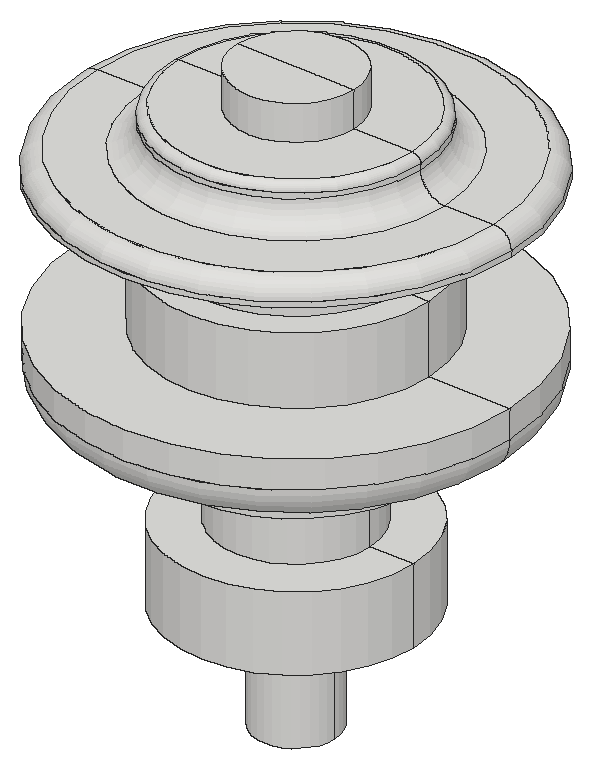
Revit family "Plumbing-PWT-Sloan-Valve-MCR-60", category Electrical Fixtures, host Face, Revit 2019
Family settings
  Host = Face
  Maintain Annotation Orientation = No
  Round Connector Dimension = Use Diameter
  Part Type = Normal
  OmniClass Number = 23.45.05.00
  OmniClass Title = Sanitary Equipment
  Cut with Voids When Loaded = Yes
  Shared = No
  Room Calculation Point = No
Parameters (values of type "MCR-60")
  Width = 1 1/4"  # constant formula
  Wall Thickness [instance] = 2 115/256"
  URL = "www.sloanvalve.com"
  Type Comments = ""
  Product data url = "https://bimobject.com/sloan_valve/product/pwt_mcr-60"
  Product Material = Sloan Valve - Finish - Stainless Steel
  Part Number = "0375039"
  Model = "MCR-60"
  Manufacturer = "Sloan Valve"  # constant formula
  Keynote = "15410"
  Height = 2 3/4"  # constant formula
  Description = "Standard\r"  # constant formula
  Default Elevation = 40"
  Assembly Code = "D2010"
Reference planes (in)
  plane 1 "Center (Front/Back)": y = 0
  plane 2: z = 0
  plane 3 "Center (Left/Right)": x = 0
  plane 4: x = -1.375
  plane 5: x = 1.375
  plane 6: z = -0.27764
  plane 7: x = -0.75
  plane 8: x = -0.46875
  plane 9: z = -3.14882
  plane 10: z = -2.44922
  plane 11: z = -1.97341
  plane 12: z = -1.5204
  plane 13: z = 0.60205
  plane 14: z = -0.86931
  plane 15: z = -0.43937
Forms (in)
  Revolve 1, solid, material "Sloan Valve - Finish - Stainless Steel" <- "Product Material"
    sketch origin (0, 0, 0) x (1, 0, 0) y (0, 0, 1)
      loop
        line (-0.37176, 0.38118) -> (-0.74352, 0.38118)
        arc (-0.74352, 0.38118) -> (-0.78011, 0.36602) -> (-0.79527, 0.32942) r 0.05176
        line (-0.79527, 0.32942) -> (-0.79527, 0.29684)
        arc (-0.79527, 0.29684) -> (-0.84009, 0.18863) -> (-0.9483, 0.14381) r 0.15303
        line (-0.9483, 0.14381) -> (-1.26464, 0.14381)
        arc (-1.26464, 0.14381) -> (-1.34268, 0.11149) -> (-1.375, 0.03345) r 0.11036
        line (-1.375, 0.03345) -> (-1.375, 0) -> (-0.67901, 0) -> (-0.67901, -0.0844)
        arc (-0.67901, -0.0844) -> (-0.66478, -0.14552) -> (-0.625, -0.19407) r 0.13836
        line (-0.625, -0.19407) -> (-0.625, -0.27764) -> (-0.67901, -0.27764) -> (-0.67901, -0.43937) -> (-0.8488, -0.43937) -> (-0.8488, -0.86931) -> (-1.36713, -0.86931) -> (-1.36713, -1.04411)
        arc (-1.36713, -1.04411) -> (-1.30601, -1.19731) -> (-1.15622, -1.26636) r 0.22255
        line (-1.15622, -1.26636) -> (-0.90532, -1.27951)
        arc (-0.90532, -1.27951) -> (-0.83908, -1.31005) -> (-0.81205, -1.37779) r 0.09842
        line (-0.81205, -1.37779) -> (-0.81205, -1.5204) -> (-0.46875, -1.5204) -> (-0.46875, -1.97341) -> (-0.75, -1.97341) -> (-0.75, -2.44922) -> (-0.2477, -2.44922) -> (-0.2477, -3.14882) -> (0, -3.14882) -> (0, 0.60205) -> (-0.37176, 0.60205) -> (-0.37176, 0.38118)
      axis (0, 0.60205) -> (0, -3.14882)
    angle from 0 to 360
Lines and regions (in)
  Masking region 1
    outline origin (0, 0, 0) x (1, 0, 0) y (0, 0, 1)
      loop
        line (-0.37176, 0.38118) -> (-0.74352, 0.38118)
        arc (-0.74352, 0.38118) -> (-0.78011, 0.36602) -> (-0.79527, 0.32942) r 0.05176
        line (-0.79527, 0.32942) -> (-0.79527, 0.29684)
        arc (-0.79527, 0.29684) -> (-0.84009, 0.18863) -> (-0.9483, 0.14381) r 0.15303
        line (-0.9483, 0.14381) -> (-1.26464, 0.14381)
        arc (-1.26464, 0.14381) -> (-1.34268, 0.11149) -> (-1.375, 0.03345) r 0.11036
        line (-1.375, 0.03345) -> (-1.375, 0) -> (-0.67901, 0) -> (-0.67901, -0.0844)
        arc (-0.67901, -0.0844) -> (-0.66478, -0.14552) -> (-0.625, -0.19407) r 0.13836
        line (-0.625, -0.19407) -> (-0.625, -0.27764) -> (-0.67901, -0.27764) -> (-0.67901, -0.43937) -> (-0.8488, -0.43937) -> (-0.8488, -0.86931) -> (-1.36713, -0.86931) -> (-1.36713, -1.04411)
        arc (-1.36713, -1.04411) -> (-1.30601, -1.19731) -> (-1.15622, -1.26636) r 0.22255
        line (-1.15622, -1.26636) -> (-0.90532, -1.27951)
        arc (-0.90532, -1.27951) -> (-0.83908, -1.31005) -> (-0.81205, -1.37779) r 0.09842
        line (-0.81205, -1.37779) -> (-0.81205, -1.5204) -> (-0.46875, -1.5204) -> (-0.46875, -1.97341) -> (-0.75, -1.97341) -> (-0.75, -2.44922) -> (-0.2477, -2.44922) -> (-0.2477, -3.14882) -> (0.2477, -3.14882) -> (0.2477, -2.44922) -> (0.75, -2.44922) -> (0.75, -1.97341) -> (0.46875, -1.97341) -> (0.46875, -1.5204) -> (0.81205, -1.5204) -> (0.81205, -1.37779)
        arc (0.81205, -1.37779) -> (0.83908, -1.31005) -> (0.90532, -1.27951) r 0.09842
        line (0.90532, -1.27951) -> (1.15622, -1.26636)
        arc (1.15622, -1.26636) -> (1.30601, -1.19731) -> (1.36713, -1.04411) r 0.22255
        line (1.36713, -1.04411) -> (1.36713, -0.86931) -> (0.8488, -0.86931) -> (0.8488, -0.43937) -> (0.67901, -0.43937) -> (0.67901, -0.27764) -> (0.625, -0.27764) -> (0.625, -0.19407)
        arc (0.625, -0.19407) -> (0.66478, -0.14552) -> (0.67901, -0.0844) r 0.13836
        line (0.67901, -0.0844) -> (0.67901, 0) -> (1.375, 0) -> (1.375, 0.03345)
        arc (1.375, 0.03345) -> (1.34268, 0.11149) -> (1.26464, 0.14381) r 0.11036
        line (1.26464, 0.14381) -> (0.9483, 0.14381)
        arc (0.9483, 0.14381) -> (0.84009, 0.18863) -> (0.79527, 0.29684) r 0.15303
        line (0.79527, 0.29684) -> (0.79527, 0.32942)
        arc (0.79527, 0.32942) -> (0.78011, 0.36602) -> (0.74352, 0.38118) r 0.05176
        line (0.74352, 0.38118) -> (0.37176, 0.38118) -> (0.37176, 0.60205) -> (-0.37176, 0.60205) -> (-0.37176, 0.38118)
  symbolic lines, detail levels fine
    curve 1: line (0.625, 0, -0.19407) -> (-0.625, 0, -0.19407)
    curve 2: line (-0.67901, 0, -0.27764) -> (0.67901, 0, -0.27764)
    curve 6: line (0.9483, 0, 0.14381) -> (-0.9483, 0, 0.14381)
    curve 7: line (-0.37176, 0, 0.38118) -> (0.37176, 0, 0.38118)
  symbolic lines, detail levels medium+fine
    curve 3: line (-0.67901, 0, -0.43937) -> (0.67901, 0, -0.43937)
    curve 4: line (-0.8488, 0, -0.86931) -> (0.8488, 0, -0.86931)
    curve 5: line (-0.67901, 0, 0) -> (0.67901, 0, 0)
    curve 8: line (-0.2477, 0, -2.44922) -> (0.2477, 0, -2.44922)
    curve 9: line (-0.46875, 0, -1.97341) -> (0.46875, 0, -1.97341)
    curve 10: line (-0.46875, 0, -1.5204) -> (0.46875, 0, -1.5204)
Dimensions and locks (in)
  plane 5 to plane 4 = 2 3/4"
  locked: plane 6 to plane 2 at 0.27764
  locked: plane 8 to plane 3 "Center (Left/Right)" at 0.46875
  "Wall Thickness": plane 10 to plane 2
  locked: plane 10 to plane 11 at 0.47581
  locked: plane 12 to plane 14 at 0.65109
  locked: plane 15 to plane 2 at 0.43937
  locked: plane 9 to plane 10 at 0.6996
  aligned and locked: plane 2 to host face
  aligned and locked: level to host face
  aligned and locked: Revolve 1 sketch curve to plane 8
  aligned and locked: Revolve 1 sketch curve to plane 9
  aligned and locked: Revolve 1 sketch curve to plane 10
  aligned and locked: plane 11 to Revolve 1 sketch curve
  aligned and locked: Revolve 1 sketch curve to plane 12
  aligned and locked: Revolve 1 sketch curve to plane 13
  aligned and locked: plane 14 to Revolve 1 sketch curve
  aligned and locked: Revolve 1 sketch curve to plane 15
  aligned and locked: Revolve 1 sketch curve to plane 3 "Center (Left/Right)"
  aligned and locked: Revolve 1 to Revolve 1  (x3)
  aligned and locked: Masking region 1 sketch curve to Revolve 1  (x4)
  aligned and locked: Revolve 1 to Masking region 1 sketch curve
  aligned and locked: curve 1 to Revolve 1
  aligned and locked: curve 2 to Revolve 1
  aligned and locked: Revolve 1 to curve 3
  aligned and locked: Revolve 1 to curve 4
  aligned and locked: Revolve 1 to curve 5
  aligned and locked: Revolve 1 to curve 8
  aligned and locked: Revolve 1 to curve 9
  aligned and locked: Revolve 1 to curve 10
Automatic sketch dimensions
  host sketch curve to host sketch curve = 96"  (x2)
  Masking region 1 sketch curve to level = 0"  (x2)
  plane 4 to Masking region 1 sketch curve = 0"
  plane 7 to Masking region 1 sketch curve = 0"
  plane 3 "Center (Left/Right)" to Masking region 1 sketch curve = 0.2477"
  Masking region 1 sketch curve to plane 5 = 0"
  Masking region 1 sketch curve to plane 4 = 0.00787"
  level to Masking region 1 sketch curve = 0.03345"  (x2)
  Masking region 1 sketch curve to Masking region 1 sketch curve = 0.11036"
  Masking region 1 sketch curve to plane 4 = 0.21878"
  Masking region 1 sketch curve to Masking region 1 sketch curve = 0.01165"
  plane 7 to Masking region 1 sketch curve = 0.1983"
  plane 7 to Masking region 1 sketch curve = 0.16047"
  Masking region 1 sketch curve to Masking region 1 sketch curve = 0.00515"  (x2)
  plane 7 to Masking region 1 sketch curve = 0.0988"
  plane 7 to Masking region 1 sketch curve = 0.06205"
  plane 7 to Masking region 1 sketch curve = 0.04527"
  Masking region 1 sketch curve to plane 7 = 0.00648"
  Masking region 1 sketch curve to plane 7 = 0.07099"  (x2)
  Masking region 1 sketch curve to Masking region 1 sketch curve = 0.05401"  (x3)
  Masking region 1 sketch curve to Masking region 1 sketch curve = 0.13836"
  Masking region 1 sketch curve to plane 7 = 9/32"
  Masking region 1 sketch curve to Masking region 1 sketch curve = 0.37176"
  Masking region 1 sketch curve to Masking region 1 sketch curve = 0.4954"
  plane 3 "Center (Left/Right)" to Masking region 1 sketch curve = 0.37176"
  plane 3 "Center (Left/Right)" to Masking region 1 sketch curve = 15/32"
  Masking region 1 sketch curve to level = 0.0844"
  Masking region 1 sketch curve to Masking region 1 sketch curve = 0.16889"
  Masking region 1 sketch curve to Masking region 1 sketch curve = 0.08435"
  Masking region 1 sketch curve to Masking region 1 sketch curve = 0.06451"
  Masking region 1 sketch curve to Masking region 1 sketch curve = 9/32"
  Masking region 1 sketch curve to Masking region 1 sketch curve = 0.05176"
  Masking region 1 sketch curve to Masking region 1 sketch curve = 0.3433"
  Masking region 1 sketch curve to Masking region 1 sketch curve = 0.16979"
  Masking region 1 sketch curve to Masking region 1 sketch curve = 0.09327"
  Masking region 1 sketch curve to Masking region 1 sketch curve = 0.15303"
  Masking region 1 sketch curve to plane 5 = 0.23043"
  Masking region 1 sketch curve to plane 5 = 0.21878"
  Masking region 1 sketch curve to plane 5 = 0.11036"
  Masking region 1 sketch curve to plane 5 = 0.00787"
  Masking region 1 sketch curve to level = 0.27764"
  Masking region 1 sketch curve to Masking region 1 sketch curve = 0.08357"  (x2)
  Masking region 1 sketch curve to Masking region 1 sketch curve = 0.16173"  (x2)
  Masking region 1 sketch curve to Masking region 1 sketch curve = 0.42994"  (x2)
  Masking region 1 sketch curve to Masking region 1 sketch curve = 0.1748"  (x2)
  Masking region 1 sketch curve to Masking region 1 sketch curve = 0.01315"  (x2)
  Masking region 1 sketch curve to Masking region 1 sketch curve = 0.14261"  (x2)
  Masking region 1 sketch curve to Masking region 1 sketch curve = 0.03259"  (x2)
  Masking region 1 sketch curve to Masking region 1 sketch curve = 0.22087"
  plane 7 to curve 6 = 0.1983"
  plane 7 to curve 4 = 0.0988"
  curve 5 to plane 7 = 0.07099"
  curve 3 to plane 7 = 0.07099"
  curve 2 to plane 7 = 0.07099"
  curve 2 to curve 1 = 0.05401"
  curve 9 to plane 7 = 9/32"
  curve 10 to plane 7 = 9/32"
  curve 7 to plane 3 "Center (Left/Right)" = 0.37176"
  curve 8 to plane 3 "Center (Left/Right)" = 0.2477"
  plane 3 "Center (Left/Right)" to curve 8 = 0.2477"
  plane 3 "Center (Left/Right)" to curve 7 = 0.37176"
  plane 3 "Center (Left/Right)" to curve 9 = 15/32"
  curve 10 to curve 9 = 0"
  plane 3 "Center (Left/Right)" to curve 1 = 5/8"
  curve 1 to curve 2 = 0.05401"
  curve 2 to curve 3 = 0"
  curve 1 to curve 5 = 0.05401"
  curve 3 to curve 4 = 0.16979"
  level to curve 6 = 0.14381"
  curve 5 to curve 6 = 0.26929"
  level to curve 7 = 0.38118"
  plane 4 to Revolve 1 sketch curve = 0"
  plane 7 to Revolve 1 sketch curve = 0"
  Revolve 1 sketch curve to level = 0"
  Revolve 1 sketch curve to plane 6 = 0"
  Revolve 1 sketch curve to plane 3 "Center (Left/Right)" = 0"
  Revolve 1 sketch curve to plane 4 = 0.00787"
  level to Revolve 1 sketch curve = 0.03345"
  Revolve 1 sketch curve to Revolve 1 sketch curve = 0.11036"
  Revolve 1 sketch curve to plane 4 = 0.21878"
  Revolve 1 sketch curve to Revolve 1 sketch curve = 0.01165"
  plane 7 to Revolve 1 sketch curve = 0.1983"
  plane 7 to Revolve 1 sketch curve = 0.16047"
  Revolve 1 sketch curve to Revolve 1 sketch curve = 0.00515"
  plane 7 to Revolve 1 sketch curve = 0.0988"
  plane 7 to Revolve 1 sketch curve = 0.06205"
  plane 7 to Revolve 1 sketch curve = 0.04527"
  Revolve 1 sketch curve to plane 7 = 0.00648"
  Revolve 1 sketch curve to plane 7 = 0.07099"  (x2)
  Revolve 1 sketch curve to Revolve 1 sketch curve = 0.05401"
  plane 8 to Revolve 1 sketch curve = 0.0719"
  Revolve 1 sketch curve to plane 8 = 0.09699"
  Revolve 1 sketch curve to plane 8 = 0.22105"
  Revolve 1 sketch curve to plane 12 = 0.14261"
  Revolve 1 sketch curve to Revolve 1 sketch curve = 0.01315"
  plane 6 to Revolve 1 sketch curve = 0.08357"
  Revolve 1 sketch curve to Revolve 1 sketch curve = 0.03259"
  Revolve 1 sketch curve to plane 10 = 0.19497"
  plane 13 to Revolve 1 sketch curve = 0.02205"
Connectors (in)
  electrical at (0, 0, -3.14882)
    settings: on Revolve 1, index 1, voltage 48 V, apparent load 3 VA, apparent load phase1 3 VA, apparent load phase2 3 VA, apparent load phase3 3 VA, power factor 0.8, load classification "Other", number of poles 3, system type 13, power factor state 1, is connector primary yes, connector utility no, sub classification motor no, connector description "Electrical Connection"
